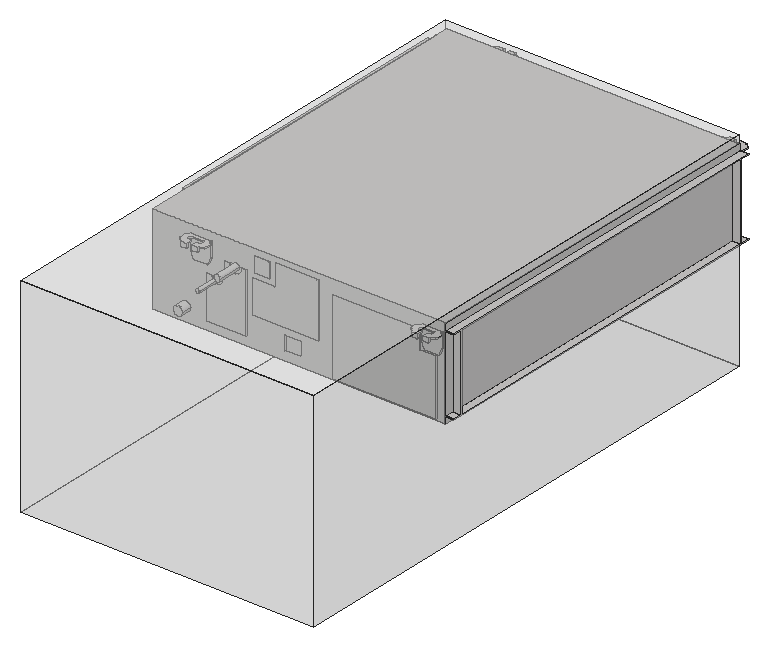
Revit family "outputfile", category 機械設備, Revit 2024
Family settings
  丸型コネクタ寸法 = 半径を使用
  パーツ タイプ = 標準
  OmniClass 番号 = 23.75.10.24.21.27.27
  OmniClass タイトル = Split System Air Conditioning Units
  作業面ベース = いいえ
  常に垂直 = はい
  ロード時にボイドで切り取り = いいえ
  注釈の向きを維持 = いいえ
  共有 = いいえ
  部屋計算ポイント = はい
Parameters (values of type "FBFC24DV2S")
  Description = ""
  製造元 = "Daikin"
  書き出し IFC クラス(タイプ) = "IfcUnitaryEquipmentType"
  定義済み IFC タイプ(タイプ) = "AIRCONDITIONINGUNIT"
  Cost = 0
  モデル = "FBFC24DV2S"
  Type Comments = ""
  Keynote = ""
  Type Image = (empty or 0)
  Assembly Code = ""
  switch_frequency = yes
  r_Liquid Pipe Size = Liquid Pipe Size / 2  # 4.75 mm
  r_Gas Pipe Size = Gas Pipe Size / 2  # 7.95 mm
  r_Drain Pipe Size = Drain Pipe Size / 2  # 12.5 mm
  lw_power = 770.0 mm  # constant formula
  lh_SA = 138.0 mm  # constant formula
  lw_SA = if(Depth = 550.0 mm, 225.0 mm, if(Depth = 700.0 mm, 300.0 mm, if(Depth = 1000.0 mm, 450.0 mm, if(Depth = 1400.0 mm, 650.0 mm, 725.0 mm))))  # 450.0 mm
  lw_RA = if(Depth = 550.0 mm, 275.0 mm, if(Depth = 700.0 mm, 349.0 mm, if(Depth = 1000.0 mm, 499.0 mm, if(Depth = 1400.0 mm, 699.0 mm, 775.0 mm))))  # 499.0 mm
  lh_power = 60.0 mm + [h***]  # 60.0 mm
  lh_mountinghole1 = lh_mountinghole + [h***]  # 222.0 mm
  lh_RA = 123.0 mm  # constant formula
  ld_power = Depth / 2  # 500.0 mm
  connector_voltage = Voltage_50Hz  # 220 V
  connector_powerinput = [Power Input (Cooling)]  # 0.000 kW
  connector_phase = Phase_50Hz  # 1
  Voltage_comment_50Hz = "220 - 240"
  Voltage_50Hz = 220 V
  URL = ""
  Supply Air Direction [instance] = yes
  Sound Power Level_H speed (dB) = 0
  Phase_50Hz = 1
  Minimum External Static Pressure = 40.00 Pa
  Minimum Circuit Amps_50Hz = 0.0 A
  Maximum Fuse Amps_50Hz = 0.0 A
  Maximum External Static Pressure = 140.00 Pa
  Material_Casing = DAIKIN_GalvanizedSteel_Casing_indoorunit
  lw_mountinghole = 630.0 mm  # constant formula
  lh_gaspipe = 183.0 mm + [h***]  # 183.0 mm
  lh_mountinghole = 222.0 mm  # constant formula
  lh_liquidpipe = 136.0 mm + [h***]  # 136.0 mm
  lh_drainpipe = 38.0 mm + [h***]  # 38.0 mm
  lh_antena = Height - lh_mountinghole + 1.0 mm  # 24.0 mm
  ld_drainpipe = Depth / 2 + 26.0 mm  # 526.0 mm
  ld_liquidpipe = Depth / 2 + 69.0 mm  # 569.0 mm
  ld_gaspipe = Depth / 2 + 65.0 mm  # 565.0 mm
  ld_mountinghole = Depth + 38.0 mm  # 1038.0 mm
  h*** = 0.0 mm  # constant formula
  lw_liquidpipe = 179.0 mm  # constant formula
  lw_gaspipe = 229.0 mm  # constant formula
  lw_drainpipe = 91.0 mm  # constant formula
  Width = 800.0 mm
  Version = "ver.1.0"
  Unit Type = "M.S.P. Duct"
  Unit Mass Weight = 36.00 kg
  Unit Designation [instance] = ""
  Uniclass2015Version = "Products v1.30"
  Uniclass2015Title = "Split coil room air conditioning units"
  Uniclass2015Code = "Pr_70_65_03_86"
  Total Cooling Capacity [instance] = 0.000 kW
  Sound Pressure Level_M speed (dBA) = 37
  Sound Pressure Level_L speed (dBA) = 34
  Sound Pressure Level_H speed (dBA) = 39
  Series = "SkyAir_Fan Coil Unit"
  Sensible Cooling Capacity [instance] = 0.000 kW
  SA Duct Size Width = 792.0 mm
  SA Duct Size Height = 176.0 mm
  Refrigerant Type = "R32"
  RA Duct Size Width = 952.0 mm
  RA Duct Size Height = 208.0 mm
  Power Input (Cooling) = 0.000 kW
  Option Accessory 3 [instance] = ""
  Option Accessory 2 [instance] = ""
  Option Accessory 1 [instance] = ""
  Nominal Cooling Capacity = 7.000 kW
  Minimum Airflow = 990.00 m³/h
  Median Airflow = 1200.00 m³/h
  Maximum Airflow = 1500.00 m³/h
  Load Classification = HVAC
  Liquid Pipe Size = 9.5 mm
  Link_Nested Family [instance] = ""
  IfcVersion = ""
  IfcExportType = "AIRCONDITIONINGUNIT"
  IfcExportAs = "IfcUnitaryEquipmentType"
  Height = 245.0 mm
  Heat Exchanger Type = "Cross Fin Coil"
  Gas Pipe Size = 15.9 mm
  Frequency_50Hz = 50 Hz
  Fan Type = "Sirocco Fan"
  Fan Drive = "Direct Drive"
  FCU Tag No. [instance] = ""
  Drain Pipe Size = 25.0 mm
  Design Supply Airflow [instance] = 0.00 m³/h
  Design Return Airflow [instance] = 0.00 m³/h
  Design External Static Pressure [instance] = 0.00 Pa
  Depth = 1000.0 mm
  既定の高さ = 0.0 mm
  Cooling Entering Wet Bulb Temperature [instance] = 0.00 °C
  Cooling Entering Dry Bulb Temperature [instance] = 0.00 °C
  Cooling Ambient Wet Bulb Temperature [instance] = 0.00 °C
  Cooling Ambient Dry Bulb Temperature [instance] = 0.00 °C
  Clearance visibility [instance] = yes
  Clearance Top = 20.0 mm
  Clearance Right = 0.0 mm
  Clearance Rear = 0.0 mm
  Clearance Left = 0.0 mm
  Clearance Front = 450.0 mm
  Clearance Bottom = 300.0 mm
Reference planes
  plane 1 "Center (Front/Back)": y = 0
  plane 2 "h": z = 0
  plane 3 "Center (Left/Right)": x = 0
  plane 4 "Back": y = 500
  plane 5 "Front": y = -500
  plane 6 "Left": x = -400
  plane 7 "Right": x = 400
  plane 8 "Top": z = 0
  plane 9 "Bottom": z = -245
  plane 10: y = -215
  plane 11: y = 500
  plane 12: y = -950
  plane 13: x = -400
  plane 14: x = 400
  plane 15: z = 20
  plane 16: z = -545
  plane 17: x = -400
  plane 18: x = -399
  plane 19: x = 399
  plane 20: y = 50
  plane 21: y = -1
  plane 22: z = -122
  plane 23: y = -501
  plane 24: z = -109
  plane 25: x = -221
  plane 26: y = -565
  plane 27: z = -62
  plane 28: x = -171
  plane 29: y = -526
  plane 30: z = -207
  plane 31: x = -309
  plane 32: x = -309
  plane 33: x = -221
  plane 34: x = -171
  plane 35: x = 370
  plane 36: x = -266
  plane 37: x = 364
  plane 38: y = -519
  plane 39: y = 519
  plane 40: z = -23
  plane 41: z = -107
  plane 42: y = -569
  plane 43: y = -526
  plane 44: x = -251
  plane 45: x = -203
  plane 46: x = -144
  plane 47: z = -59
  plane 48: z = -106
  plane 49: z = -221
  plane 50: z = -109
  plane 51: x = -221
  plane 52: z = -62
  plane 53: x = -171
  plane 54: z = -17
  plane 55: z = -59
  plane 56: x = -121
  plane 57: x = -79
  plane 58: x = -125
  plane 59: x = -64
  plane 60: x = 53
  plane 61: z = -164
  plane 62: z = -73
  plane 63: z = -16
  plane 64: x = 93.5
  plane 65: x = 374.5
  plane 66: x = 330
  plane 67: z = -88.5
  plane 68: z = -38
  plane 69: z = -242.5
  plane 70: x = -38.5
  plane 71: x = 6.5
  plane 72: z = -181
  plane 73: z = -221
  plane 74: y = -499
  plane 75: x = -424
  plane 76: x = 424
Forms (mm)
  Extrusion 1, solid, material "DAIKIN_GalvanizedSteel_Casing_indoorunit" <- "Material_Casing"
    sketch origin (0, 0, 0) x (1, 0, 0) y (0, 1, 0)
      loop
        line (-399, 500) -> (-399, -500) -> (399, -500) -> (399, 500) -> (-399, 500)
    from -245 to 0
  Extrusion 2, solid, material "DAIKIN_GalvanizedSteel_Casing_indoorunit" <- "Material_Casing"
    sketch origin (0, 0, 0) x (1, 0, 0) y (0, 0, 1)
      loop
        line (-251, -221) -> (-144, -221) -> (-144, -59) -> (-154.47, -59)
        arc (-154.47, -59) -> (-171, -78.8) -> (-187.53, -59) r 16.8
        line (-187.53, -59) -> (-203, -59) -> (-203, -106) -> (-206.916, -106)
        arc (-206.916, -106) -> (-221, -123.4) -> (-235.084, -106) r 14.4
        line (-235.084, -106) -> (-251, -106) -> (-251, -221)
    from 500 to 501
  Extrusion 3, solid, material "DAIKIN_GalvanizedSteel_Casing_indoorunit" <- "Material_Casing"
    sketch origin (0, 0, 0) x (1, 0, 0) y (0, 0, 1)
      loop
        line (-121, -17) -> (-121, -59) -> (-79, -59) -> (-79, -17) -> (-121, -17)
      loop
        line (-125, -73) -> (-125, -164) -> (53, -164) -> (53, -16) -> (-64, -16) -> (-64, -73) -> (-125, -73)
    from 500 to 501
  Extrusion 4, solid, material "DAIKIN_GalvanizedSteel_Casing_indoorunit" <- "Material_Casing"
    sketch origin (0, 0, 0) x (1, 0, 0) y (0, 0, 1)
      loop
        line (93.5, -38) -> (93.5, -242.5) -> (374.5, -242.5) -> (374.5, -88.5) -> (330, -88.5) -> (330, -38) -> (93.5, -38)
    from 500 to 501
  Extrusion 5, solid, material "DAIKIN_GalvanizedSteel_Casing_indoorunit" <- "Material_Casing"
    sketch origin (0, 0, 0) x (1, 0, 0) y (0, 0, 1)
      loop
        circle (-221, -109) r 4.75
    from 500 to 569
  Extrusion 6, solid, material "DAIKIN_GalvanizedSteel_Casing_indoorunit" <- "Material_Casing"
    sketch origin (0, 0, 0) x (1, 0, 0) y (0, 0, 1)
      loop
        circle (-171, -62) r 7.95
    from 500 to 565
  Extrusion 7, solid, material "DAIKIN_GalvanizedSteel_Casing_indoorunit" <- "Material_Casing"
    sketch origin (0, 0, 0) x (1, 0, 0) y (0, 0, 1)
      loop
        circle (-309, -207) r 12.5
    from 500 to 526
  Extrusion 8, void
    sketch origin (0, 0, 0) x (1, 0, 0) y (0, 0, 1)
      loop
        line (-38.5, -181) -> (-38.5, -221) -> (6.5, -221) -> (6.5, -181) -> (-38.5, -181)
    from 499 to 500
Cuts and joins
  Extrusion 8 cuts Extrusion 1
Dimensions and locks
  "Height": plane 8 "Top" to plane 9 "Bottom"
  equal spacing: plane 4 "Back", plane 1 "Center (Front/Back)", plane 5 "Front"
  "Depth": plane 4 "Back" to plane 5 "Front"
  equal spacing: plane 6 "Left", plane 3 "Center (Left/Right)", plane 7 "Right"
  "Width": plane 6 "Left" to plane 7 "Right"
  "Clearance Left": plane 13 to plane 6 "Left"
  "Clearance Right": plane 7 "Right" to plane 14
  "Clearance Rear": plane 11 to plane 4 "Back"
  "Clearance Front": plane 5 "Front" to plane 12
  "Clearance Top": plane 15 to plane 8 "Top"
  "Clearance Bottom": plane 9 "Bottom" to plane 16
  locked: plane 17 to plane 18 at 1
  locked: plane 19 to plane 14 at 1
  "lw_SA": plane 11 to plane 20
  "lw_RA": plane 21 to plane 5 "Front"
  "lh_RA": plane 22 to plane 9 "Bottom"
  locked: plane 5 "Front" to plane 23 at 1
  "lw_liquidpipe": plane 25 to plane 6 "Left"
  "lh_liquidpipe": plane 24 to plane 9 "Bottom"
  "lh_gaspipe": plane 27 to plane 9 "Bottom"
  "lw_gaspipe": plane 28 to plane 6 "Left"
  "ld_gaspipe": plane 26 to plane 1 "Center (Front/Back)"
  "ld_drainpipe": plane 29 to plane 1 "Center (Front/Back)"
  "lh_drainpipe": plane 30 to plane 9 "Bottom"
  "lw_drainpipe": plane 31 to plane 6 "Left"
  "lw_drainpipe": plane 6 "Left" to plane 32
  "lw_liquidpipe": plane 6 "Left" to plane 33
  "lw_gaspipe": plane 6 "Left" to plane 34
  "lw_power": plane 6 "Left" to plane 35
  locked: plane 17 to plane 36 at 134
  "lw_mountinghole": plane 36 to plane 37
  equal spacing: plane 38, plane 1 "Center (Front/Back)", plane 39
  "ld_mountinghole": plane 39 to plane 38
  "lh_mountinghole": plane 40 to plane 9 "Bottom"
  "lh_SA": plane 41 to plane 9 "Bottom"
  locked: plane 5 "Front" to plane 43 at 26
  plane 46 to plane 45 to plane 44 to plane 6 "Left" = 59.0 mm, 48.0 mm, 149.0 mm
  plane 8 "Top" to plane 47 to plane 48 to plane 49 = 59.0 mm locked, 47.0 mm locked, 115.0 mm locked
  plane 53 to plane 51 to plane 6 "Left" = 50.0 mm locked, 179.0 mm locked
  plane 52 to plane 50 to plane 9 "Bottom" = 47.0 mm locked, 136.0 mm locked
  plane 57 to plane 56 to plane 6 "Left" = 42.0 mm locked, 279.0 mm locked
  plane 8 "Top" to plane 54 to plane 55 = 17.0 mm locked, 42.0 mm locked
  plane 60 to plane 59 to plane 58 to plane 6 "Left" = 117.0 mm, 61.0 mm, 275.0 mm
  plane 8 "Top" to plane 63 to plane 62 = 16.0 mm locked, 57.0 mm locked
  locked: plane 63 to plane 61 at 148
  plane 8 "Top" to plane 68 to plane 67 to plane 69 = 38.0 mm locked, 50.5 mm locked, 154.0 mm locked
  plane 65 to plane 66 to plane 64 to plane 6 "Left" = 44.5 mm locked, 236.5 mm locked, 493.5 mm locked
  plane 8 "Top" to plane 72 to plane 73 = 181.0 mm locked, 40.0 mm locked
  plane 71 to plane 70 to plane 6 "Left" = 45.0 mm, 361.5 mm
  locked: plane 74 to plane 5 "Front" at 1
  locked: plane 75 to plane 17 at 24
  locked: plane 14 to plane 76 at 24
  "ld_liquidpipe": plane 42 to plane 1 "Center (Front/Back)"
  "r_Liquid Pipe Size": radius of Extrusion 5 sketch curve
  "r_Gas Pipe Size": radius of Extrusion 6 sketch curve
  "r_Drain Pipe Size": radius of Extrusion 7 sketch curve
  aligned and locked: level to plane 2 "h"
  aligned and locked: plane 8 "Top" to Extrusion 1
  aligned and locked: Extrusion 1 to plane 9 "Bottom"
  aligned and locked: nested 5 to plane 12
  aligned and locked: plane 13 to nested 5
  aligned and locked: plane 14 to nested 5
  aligned and locked: nested 5 to plane 13
  aligned and locked: plane 11 to nested 5
  aligned and locked: plane 15 to nested 5
  aligned and locked: plane 16 to nested 5
  aligned and locked: plane 5 "Front" to Extrusion 1 sketch curve
  aligned and locked: Extrusion 1 to plane 18
  aligned and locked: plane 19 to Extrusion 1
  aligned and locked: nested 7 to plane 18
  aligned and locked: nested 7 to plane 20
  aligned and locked: plane 19 to nested 8
  aligned and locked: plane 21 to nested 8
  aligned and locked: plane 22 to nested 8
  aligned and locked: Extrusion 2 to plane 23
  aligned and locked: plane 5 "Front" to Extrusion 2
  aligned and locked: Extrusion 3 to plane 23
  aligned and locked: plane 5 "Front" to Extrusion 3
  aligned and locked: plane 5 "Front" to Extrusion 4
  aligned and locked: Extrusion 5 sketch curve to plane 25
  aligned and locked: plane 24 to Extrusion 5 sketch curve
  aligned and locked: plane 5 "Front" to Extrusion 5
  aligned and locked: Extrusion 6 sketch curve to plane 28
  aligned and locked: plane 27 to Extrusion 6 sketch curve
  aligned and locked: plane 5 "Front" to Extrusion 6
  aligned and locked: Extrusion 7 sketch curve to plane 31
  aligned and locked: plane 30 to Extrusion 7 sketch curve
  aligned and locked: Extrusion 7 to plane 29
  aligned and locked: nested 3 to plane 29
  aligned and locked: plane 32 to nested 3
  aligned and locked: nested 2 to plane 33
  aligned and locked: nested 1 to plane 34
  aligned and locked: Extrusion 6 to plane 26
  aligned and locked: nested 1 to plane 26
  aligned and locked: nested 6 to plane 5 "Front"
  aligned and locked: nested 6 to plane 35
  aligned and locked: plane 36 to nested 10
  aligned and locked: nested 10 to plane 5 "Front"
  aligned and locked: plane 37 to nested 9
  aligned and locked: nested 9 to plane 5 "Front"
  aligned and locked: nested 11 to plane 36
  aligned and locked: plane 4 "Back" to nested 11
  aligned and locked: nested 12 to plane 37
  aligned and locked: plane 4 "Back" to nested 12
  aligned and locked: plane 40 to nested 10
  aligned and locked: plane 40 to nested 11
  aligned and locked: plane 40 to nested 9
  aligned and locked: plane 40 to nested 12
  aligned and locked: plane 36 to nested 14
  aligned and locked: nested 14 to plane 39
  aligned and locked: plane 37 to nested 13
  aligned and locked: nested 13 to plane 39
  aligned and locked: plane 37 to nested 16
  aligned and locked: plane 38 to nested 16
  aligned and locked: plane 38 to nested 15
  aligned and locked: plane 36 to nested 15
  aligned and locked: plane 17 to plane 6 "Left"
  aligned and locked: plane 41 to nested 7
  aligned and locked: Extrusion 5 to plane 42
  aligned and locked: nested 2 to plane 42
  aligned and locked: Extrusion 3 sketch curve to plane 54
  aligned and locked: Extrusion 3 sketch curve to plane 56
  aligned and locked: plane 55 to Extrusion 3 sketch curve
  aligned and locked: plane 57 to Extrusion 3 sketch curve
  aligned and locked: Extrusion 4 to plane 23
  aligned and locked: Extrusion 8 sketch curve to plane 72
  aligned and locked: plane 73 to Extrusion 8 sketch curve
  aligned and locked: plane 71 to Extrusion 8 sketch curve
  aligned and locked: plane 5 "Front" to Extrusion 8
  aligned and locked: plane 74 to Extrusion 8
  aligned and locked: nested 17 to plane 20
  aligned and locked: nested 17 to plane 75
  aligned and locked: plane 21 to nested 18
  aligned and locked: plane 76 to nested 18
  aligned and locked: plane 41 to nested 17
  aligned and locked: nested 18 to plane 22
  aligned and locked: nested 4 to plane 3 "Center (Left/Right)"
  aligned and locked: plane 1 "Center (Front/Back)" to nested 4
  aligned and locked: level to plane 8 "Top"
  aligned and locked: plane 5 "Front" to Extrusion 7
Automatic sketch dimensions
  plane 6 "Left" to Extrusion 1 sketch curve = 1.0 mm
  Extrusion 1 sketch curve to plane 7 "Right" = 1.0 mm
  Extrusion 1 sketch curve to plane 4 "Back" = 0.0 mm
  Extrusion 2 sketch curve to plane 44 = 0.0 mm
  Extrusion 2 sketch curve to plane 33 = 0.0 mm
  Extrusion 2 sketch curve to plane 45 = 0.0 mm
  Extrusion 2 sketch curve to plane 34 = 0.0 mm
  Extrusion 2 sketch curve to plane 46 = 0.0 mm
  Extrusion 2 sketch curve to plane 49 = 0.0 mm
  Extrusion 2 sketch curve to plane 50 = 0.0 mm
  Extrusion 2 sketch curve to plane 48 = 0.0 mm  (x3)
  Extrusion 2 sketch curve to plane 52 = 0.0 mm
  Extrusion 2 sketch curve to plane 47 = 0.0 mm  (x3)
  plane 33 to Extrusion 2 sketch curve = 14.084 mm
  plane 34 to Extrusion 2 sketch curve = 16.53 mm
  Extrusion 3 sketch curve to plane 58 = 0.0 mm
  Extrusion 3 sketch curve to plane 59 = 0.0 mm
  Extrusion 3 sketch curve to plane 60 = 0.0 mm
  Extrusion 3 sketch curve to plane 61 = 0.0 mm
  Extrusion 3 sketch curve to plane 62 = 0.0 mm
  Extrusion 3 sketch curve to plane 63 = 0.0 mm
  Extrusion 4 sketch curve to plane 64 = 0.0 mm
  Extrusion 4 sketch curve to plane 66 = 0.0 mm
  Extrusion 4 sketch curve to plane 65 = 0.0 mm
  Extrusion 4 sketch curve to plane 69 = 0.0 mm
  Extrusion 4 sketch curve to plane 67 = 0.0 mm
  Extrusion 4 sketch curve to plane 68 = 0.0 mm
  Extrusion 8 sketch curve to plane 70 = 0.0 mm
Nested families
  nested 1: "daikin_connector_rotate2" at (-171, 0, -62), length <- "ld_gaspipe", built-in parameter 1001364 <- "lh_gaspipe", radius <- "r_Gas Pipe Size", type "daikin_connector_rotate2"
    with radius 7.95 mm, length 565.0 mm, angle_vertical 90.00°
  nested 2: "daikin_connector_rotate2" at (-221, 0, -109), length <- "ld_liquidpipe", built-in parameter 1001364 <- "lh_liquidpipe", radius <- "r_Liquid Pipe Size", type "daikin_connector_rotate2"
    with radius 4.75 mm, length 569.0 mm, angle_vertical 90.00°
  nested 3: "daikin_connector_rotate2" at (-309, 0, -207), length <- "ld_drainpipe", built-in parameter 1001364 <- "lh_drainpipe", radius <- "r_Drain Pipe Size", type "daikin_connector_rotate2"
    with radius 12.5 mm, length 526.0 mm, angle_vertical 90.00°
  nested 4: "daikin_△_symbolicline" at (0, 0, 245) x (0, -1, 0) z (0, 0, 1), built-in parameter 1001364 <- "Height", visible <- "Supply Air Direction", type "daikin_△_symbolicline"
    with length 200.0 mm
  nested 5: "daikin_clearancespace" at (0, -225, -262.381), visible <- "Clearance visibility", show <- "Clearance visibility", Link_Nested Family <- "Link_Nested Family", type "daikin_clearancespace"
    with width 800.0 mm, show yes, height 565.0 mm, depth 1450.0 mm, Link_Nested Family ""
  nested 6: "daikin_connector_rotate2" at (370, 0, -185), built-in parameter 1001364 <- "lh_power", length <- "ld_power", type "daikin_connector_rotate2"
    with radius 10.0 mm, length 500.0 mm, angle_vertical 90.00°
  nested 7: "daikin_ductflange_FBFC-DV2S2" at (-399, 50, -107) x (0, -1, 0) z (0, 0, 1), type "daikin_ductflange_FBFC-DV2S2"
    with width 792.0 mm, w 1000.0 mm
  nested 8: "daikin_ductflange_FBFC-DV2S" at (399, -1, -122) x (0, 1, 0) z (0, 0, 1), type "daikin_ductflange_FBFC-DV2S"
    with width 952.0 mm, lw 25.0 mm, w 1000.0 mm
  nested 9: "daikin_hangerfixture_FBFC-DV2S" at (364, -500, -23), type "daikin_hangerfixture_FBFC-DV2S"
  nested 10: "daikin_hangerfixture_FBFC-DV2S" at (-266, -500, -23), type "daikin_hangerfixture_FBFC-DV2S"
  nested 11: "daikin_hangerfixture_FBFC-DV2S" at (-266, 500, -23) x (-1, 0, 0) z (0, 0, 1), type "daikin_hangerfixture_FBFC-DV2S"
  nested 12: "daikin_hangerfixture_FBFC-DV2S" at (364, 500, -23) x (-1, 0, 0) z (0, 0, 1), type "daikin_hangerfixture_FBFC-DV2S"
  nested 13: "daikin_mountinghole" at (364, 519, -245), h_mountinghole <- "lh_mountinghole1", l_antenna <- "lh_antena", Link_Nested Family <- "Link_Nested Family", type "daikin_mountinghole"
    with show yes, l_antenna 24.0 mm, h_mountinghole 222.0 mm, Link_Nested Family ""
  nested 14: "daikin_mountinghole" at (-266, 519, -245), h_mountinghole <- "lh_mountinghole1", l_antenna <- "lh_antena", Link_Nested Family <- "Link_Nested Family", type "daikin_mountinghole"
    with show yes, l_antenna 24.0 mm, h_mountinghole 222.0 mm, Link_Nested Family ""
  nested 15: "daikin_mountinghole" at (-266, -519, -245), h_mountinghole <- "lh_mountinghole1", l_antenna <- "lh_antena", Link_Nested Family <- "Link_Nested Family", type "daikin_mountinghole"
    with show yes, l_antenna 24.0 mm, h_mountinghole 222.0 mm, Link_Nested Family ""
  nested 16: "daikin_mountinghole" at (364, -519, -245), h_mountinghole <- "lh_mountinghole1", l_antenna <- "lh_antena", Link_Nested Family <- "Link_Nested Family", type "daikin_mountinghole"
    with show yes, l_antenna 24.0 mm, h_mountinghole 222.0 mm, Link_Nested Family ""
  nested 17: "daikin_connector_rotate2" at (-400, 50, -107) x (0, -1, 0) z (0, 0, 1), type "daikin_connector_rotate2"
    with radius 10.0 mm, length 24.0 mm, angle_vertical 90.00°
  nested 18: "daikin_connector_rotate2" at (400, -1, -122) x (0, 1, 0) z (0, 0, 1), type "daikin_connector_rotate2"
    with radius 10.0 mm, length 24.0 mm, angle_vertical 90.00°
Connectors
  piping at (-309, -526, -207), diameter 25, driven by "r_Drain Pipe Size"
    settings: on nested 3, index 3, connector inside diameter 609.6 mm, connector length 0.0 mm, flow factor 0, pipe flow 0.00 m³/h, pressure drop 0.0 Pa, fitting loss kfactor 0, connector angle 0.00°, fixture units 0, engagement length 0.0 mm, angle of deflection 0.00°, flow configuration 1, flow direction 2, fitting loss method 4, system type 16, joint type 0, gender type 0, connector reference index -1, connector utility 0, adjustable connector no, is connector primary yes, connector description "Condensate Drain Piping"
  piping at (-171, -565, -62), diameter 15.9, driven by "r_Gas Pipe Size"
    settings: on nested 1, index 4, connector inside diameter 609.6 mm, connector length 0.0 mm, flow factor 0, pipe flow 0.00 m³/h, pressure drop 0.0 Pa, fitting loss kfactor 0, connector angle 0.00°, fixture units 0, engagement length 0.0 mm, angle of deflection 0.00°, flow configuration 1, flow direction 2, fitting loss method 0, system type 29, joint type 0, gender type 0, connector reference index -1, connector utility 0, adjustable connector no, is connector primary no, connector description "Refrigerant Gas Piping"
  piping at (-221, -569, -109), diameter 9.5, driven by "r_Liquid Pipe Size"
    settings: on nested 2, index 5, connector inside diameter 609.6 mm, connector length 0.0 mm, flow factor 0, pipe flow 0.00 m³/h, pressure drop 0.0 Pa, fitting loss kfactor 0, connector angle 0.00°, fixture units 0, engagement length 0.0 mm, angle of deflection 0.00°, flow configuration 1, flow direction 1, fitting loss method 0, system type 29, joint type 0, gender type 0, connector reference index -1, connector utility 0, adjustable connector no, is connector primary no, connector description "Refrigerant Liquid Piping"
  electrical at (370, -500, -185), driven by "Load Classification", driven by "connector_powerinput", driven by "connector_phase", driven by "connector_voltage"
    settings: on nested 6, index 6, voltage 220 V, apparent load 0 VA, apparent load phase1 0 VA, apparent load phase2 0 VA, apparent load phase3 0 VA, power factor 1, load classification "HVAC", number of poles 1, system type 30, power factor state 1, is connector primary yes, connector utility no, sub classification motor no, connector description "Power Supply"
  hvac at (-424, 50, -107), driven by "SA Duct Size Height", driven by "SA Duct Size Width"
    settings: on nested 17, index 7, duct flow 0.00 m³/h, flow factor 0, pres drop 0.00 Pa, loss coef 0, conn angle 0.00°, conn width 792.0 mm, conn height 176.0 mm, conn diameter 609.6 mm, duct sys type 1, conn prof type 1, flow config 0, flow direction 2, loss method 4, conn ref index -1, conn util no, is conn primary yes, conn desc "SA Duct"
  hvac at (424, -1, -122), driven by "RA Duct Size Height", driven by "RA Duct Size Width"
    settings: on nested 18, index 8, duct flow 0.00 m³/h, flow factor 0, pres drop 0.00 Pa, loss coef 0, conn angle 0.00°, conn width 952.0 mm, conn height 208.0 mm, conn diameter 609.6 mm, duct sys type 2, conn prof type 1, flow config 0, flow direction 1, loss method 4, conn ref index -1, conn util no, is conn primary no, conn desc "RA Duct"
Definition of nested family "daikin_clearancespace"
  Parameters (values of type "daikin_clearancespace")
    Description = "daikin_clearancespace"
    width [instance] = 1823.963 mm
    show [instance] = yes
    material = none
    height [instance] = 1359.762 mm
    depth [instance] = 880.0 mm
    Default Elevation = 0.0 mm
    Link_Nested Family [instance] = ""
  Reference planes
    plane 1 "Center (Front/Back)": y = 0
    plane 2 "Center (Elevation)": z = -0.119
    plane 3 "Center (Left/Right)": x = 0
    plane 4: y = 440
    plane 5: y = -440
    plane 6 "Right": x = 911.982
    plane 7 "Left": x = -911.982
    plane 8 "Top": z = 679.762
    plane 9 "Bottom": z = -680
  Forms (mm)
    Extrusion 1, solid, material <- "material", visible <- "show"
      sketch origin (0, 0, 0) x (1, 0, 0) y (0, 1, 0)
        loop
          line (-911.982, 440) -> (-911.982, -440) -> (911.982, -440) -> (911.982, 440) -> (-911.982, 440)
      from -680 to 679.762
  Lines and regions (mm)
    symbolic lines, visible <- "show"
      curve 1: line (911.982, 440, 0) -> (-911.982, 440, 0)
      curve 2: line (-911.982, 440, 0) -> (-911.982, -440, 0)
      curve 3: line (-911.982, -440, 0) -> (911.982, -440, 0)
      curve 4: line (911.982, -440, 0) -> (911.982, 440, 0)
      curve 5: line (911.982, 0, 679.762) -> (-911.982, 0, 679.762)
      curve 6: line (911.982, 0, -680) -> (911.982, 0, 679.762)
      curve 7: line (-911.982, 0, -680) -> (911.982, 0, -680)
      curve 8: line (-911.982, 0, 679.762) -> (-911.982, 0, -680)
      curve 9: line (0, 440, 679.762) -> (0, -440, 679.762)
      curve 10: line (0, -440, 679.762) -> (0, -440, -680)
      curve 11: line (0, 440, -680) -> (0, 440, 679.762)
      curve 12: line (0, -440, -680) -> (0, 440, -680)
  Dimensions and locks
    "width": plane 7 "Left" to plane 6 "Right"
    "depth": plane 4 to plane 5
    "height": plane 8 "Top" to plane 9 "Bottom"
    equal spacing: plane 7 "Left", plane 3 "Center (Left/Right)", plane 6 "Right"
    equal spacing: plane 4, plane 1 "Center (Front/Back)", plane 5
    equal spacing: plane 8 "Top", plane 2 "Center (Elevation)", plane 9 "Bottom"
    aligned and locked: level to plane 2 "Center (Elevation)"
    aligned and locked: Extrusion 1 sketch curve to plane 4
    aligned and locked: plane 7 "Left" to Extrusion 1 sketch curve
    aligned and locked: Extrusion 1 sketch curve to plane 5
    aligned and locked: Extrusion 1 sketch curve to plane 6 "Right"
    aligned and locked: plane 8 "Top" to Extrusion 1
    aligned and locked: curve 1 to Extrusion 1
    aligned and locked: curve 2 to Extrusion 1
    aligned and locked: curve 3 to Extrusion 1
    aligned and locked: curve 4 to Extrusion 1
    aligned and locked: curve 5 to Extrusion 1
    aligned and locked: curve 6 to Extrusion 1
    aligned and locked: curve 7 to Extrusion 1
    aligned and locked: curve 8 to Extrusion 1
    aligned and locked: curve 9 to Extrusion 1
    aligned and locked: curve 10 to Extrusion 1
    aligned and locked: curve 11 to Extrusion 1
    aligned and locked: curve 12 to Extrusion 1
    aligned and locked: Extrusion 1 to plane 9 "Bottom"
Definition of nested family "daikin_ductflange_FBFC-DV2S2"
  Parameters (values of type "daikin_ductflange_FBFC-DVMG2")
    width = if(w = 550.0 mm, 337.0 mm, if(w = 700.0 mm, 492.0 mm, if(w = 1000.0 mm, 792.0 mm, if(w = 1400.0 mm, 1192.0 mm, 1337.0 mm))))  # 1192.0 mm
    material = none
    height = 215.0 mm
    depth = 1.0 mm
    w = 1400.0 mm
    Default Elevation = 0.0 mm
  Reference planes
    plane 1 "Center (Front/Back)": y = 0
    plane 2: z = 0
    plane 3 "Center (Left/Right)": x = 0
    plane 4: z = 88
    plane 5: z = -88
    plane 6: y = -25
    plane 7: z = 106
    plane 8: z = 89
    plane 9: y = -1
    plane 10: x = -617.5
    plane 11: x = 617.5
    plane 12: z = -106
    plane 13: z = -89
    plane 14: y = -1
    plane 15: x = 596
    plane 16: x = -596
    plane 17: x = 597
    plane 18: z = 87
    plane 19: z = -87
    plane 20: x = -597
    plane 21: z = 87
    plane 22: z = -87
    plane 23: y = -1
  Forms (mm)
    Extrusion 1, solid, material <- "material"
      sketch origin (0, 0, 0) x (0, 1, 0) y (0, 0, 1)
        loop
          line (-25, 88) -> (0, 88) -> (0, 106) -> (-1, 106) -> (-1, 89) -> (-25, 89) -> (-25, 88)
      from -617.5 to 617.5
    Extrusion 2, solid, material <- "material"
      sketch origin (0, 0, 0) x (0, 1, 0) y (0, 0, 1)
        loop
          line (-25, -88) -> (-25, -89) -> (-1, -89) -> (-1, -106) -> (0, -106) -> (0, -88) -> (-25, -88)
      from -617.5 to 617.5
    Extrusion 3, solid, material <- "material"
      sketch origin (0, 0, 0) x (1, 0, 0) y (0, 0, 1)
        loop
          line (596, 88) -> (596, -88) -> (617.5, -88) -> (617.5, -87) -> (597, -87) -> (597, 87) -> (617.5, 87) -> (617.5, 88) -> (596, 88)
      from 0 to 25
    Extrusion 4, solid, material <- "material"
      sketch origin (0, 0, 0) x (1, 0, 0) y (0, 0, 1)
        loop
          line (-617.5, 88) -> (-617.5, 87) -> (-597, 87) -> (-597, -87) -> (-617.5, -87) -> (-617.5, -88) -> (-596, -88) -> (-596, 88) -> (-617.5, 88)
      from 0 to 25
    Extrusion 5, solid, material <- "material"
      sketch origin (0, 0, 0) x (1, 0, 0) y (0, 0, 1)
        loop
          line (-617.5, 88) -> (-617.5, -88) -> (-596, -88) -> (-596, 88) -> (-617.5, 88)
        loop
          line (617.5, 88) -> (596, 88) -> (596, -88) -> (617.5, -88) -> (617.5, 88)
      from 0 to 1
  Cuts and joins
    joined: Extrusion 1, Extrusion 2, Extrusion 3, Extrusion 4, Extrusion 5
  Dimensions and locks
    plane 4 to level to plane 5 = 88.0 mm, 88.0 mm
    locked: plane 6 to plane 1 "Center (Front/Back)" at 25
    locked: plane 9 to plane 1 "Center (Front/Back)" at 1
    locked: plane 8 to plane 4 at 1
    locked: plane 16 to plane 10 at 21.5
    locked: plane 17 to plane 15 at 1
    locked: plane 4 to plane 18 at 1
    locked: plane 19 to plane 5 at 1
    "width": plane 15 to plane 16
    plane 4 to plane 5 = 176.0 mm
    locked: plane 16 to plane 20 at 1
    locked: plane 4 to plane 21 at 1
    locked: plane 22 to plane 5 at 1
    locked: plane 23 to plane 1 "Center (Front/Back)" at 1
    plane 4 to level to plane 5 = 88.0 mm locked, 88.0 mm locked
    locked: plane 5 to plane 13 at 1
    locked: plane 5 to plane 12 at 18
    locked: plane 7 to plane 4 at 18
    equal spacing: plane 15, plane 3 "Center (Left/Right)", plane 16
    locked: plane 11 to plane 15 at 21.5
    plane 11 to plane 10 = 1235.0 mm
    aligned and locked: level to plane 2
    aligned and locked: Extrusion 1 to plane 10
    aligned and locked: plane 11 to Extrusion 1
    aligned and locked: plane 5 to Extrusion 2
    aligned and locked: Extrusion 2 to plane 1 "Center (Front/Back)"
    aligned and locked: plane 15 to Extrusion 3 sketch curve
    aligned and locked: Extrusion 3 sketch curve to Extrusion 2  (x2)
    aligned and locked: Extrusion 3 sketch curve to plane 11
    aligned and locked: plane 6 to Extrusion 3
    aligned and locked: Extrusion 2 to plane 10
    aligned and locked: plane 11 to Extrusion 2
    aligned and locked: Extrusion 4 sketch curve to Extrusion 1  (x2)
    aligned and locked: plane 5 to Extrusion 4 sketch curve
    aligned and locked: Extrusion 4 sketch curve to plane 16
    aligned and locked: Extrusion 4 sketch curve to plane 22
    aligned and locked: plane 20 to Extrusion 4 sketch curve
    aligned and locked: plane 21 to Extrusion 4 sketch curve
    aligned and locked: Extrusion 4 to plane 1 "Center (Front/Back)"
    aligned and locked: plane 6 to Extrusion 4
    aligned and locked: Extrusion 5 sketch curve to Extrusion 1  (x4)
    aligned and locked: Extrusion 5 sketch curve to Extrusion 4  (x2)
    aligned and locked: Extrusion 5 sketch curve to Extrusion 3  (x2)
    aligned and locked: Extrusion 5 to plane 1 "Center (Front/Back)"
    aligned and locked: plane 23 to Extrusion 5
  Automatic sketch dimensions
    Extrusion 1 sketch curve to plane 6 = 0.0 mm
    Extrusion 1 sketch curve to plane 7 = 0.0 mm
    Extrusion 1 sketch curve to plane 9 = 0.0 mm
    Extrusion 1 sketch curve to plane 1 "Center (Front/Back)" = 0.0 mm
    Extrusion 1 sketch curve to plane 4 = 0.0 mm
    Extrusion 1 sketch curve to plane 8 = 0.0 mm
    Extrusion 2 sketch curve to plane 6 = 0.0 mm
    plane 12 to Extrusion 2 sketch curve = 0.0 mm
    Extrusion 2 sketch curve to plane 14 = 0.0 mm
    Extrusion 2 sketch curve to plane 1 "Center (Front/Back)" = 0.0 mm
    plane 13 to Extrusion 2 sketch curve = 0.0 mm
    Extrusion 2 sketch curve to plane 5 = 0.0 mm
    Extrusion 3 sketch curve to plane 17 = 0.0 mm
    Extrusion 3 sketch curve to plane 19 = 0.0 mm
    Extrusion 3 sketch curve to plane 18 = 0.0 mm
    Extrusion 3 sketch curve to plane 4 = 0.0 mm
    Extrusion 4 sketch curve to plane 10 = 0.0 mm
Definition of nested family "daikin_ductflange_FBFC-DV2S"
  Parameters (values of type "daikin_ductflange_FBFC-DVMG")
    width = if(w = 550.0 mm, 502.0 mm, if(w = 700.0 mm, 654.0 mm, if(w = 1000.0 mm, 952.0 mm, if(w = 1400.0 mm, 1352.0 mm, 1502.0 mm))))  # 654.0 mm
    material = none
    lw = if(width = 654.0 mm, 23.0 mm, 25.0 mm)  # 23.0 mm
    height = 208.0 mm
    depth = 1.0 mm
    w = 700.0 mm
    Default Elevation = 0.0 mm
  Reference planes
    plane 1 "Center (Front/Back)": y = 0
    plane 2: z = 0
    plane 3 "Center (Left/Right)": x = 0
    plane 4: z = 104
    plane 5: z = -104
    plane 6: y = -25
    plane 7: z = 121
    plane 8: z = 105
    plane 9: y = -1
    plane 10: x = -350
    plane 11: x = 350
    plane 12: z = -122
    plane 13: z = -105
    plane 14: y = -1
    plane 15: x = 327
    plane 16: x = -327
    plane 17: x = 328
    plane 18: z = 103
    plane 19: z = -103
    plane 20: x = -328
    plane 21: z = 103
    plane 22: z = -103
    plane 23: y = -1
  Forms (mm)
    Extrusion 1, solid, material <- "material"
      sketch origin (0, 0, 0) x (0, 1, 0) y (0, 0, 1)
        loop
          line (-25, 104) -> (0, 104) -> (0, 121) -> (-1, 121) -> (-1, 105) -> (-25, 105) -> (-25, 104)
      from -350 to 350
    Extrusion 2, solid, material <- "material"
      sketch origin (0, 0, 0) x (0, 1, 0) y (0, 0, 1)
        loop
          line (-25, -104) -> (-25, -105) -> (-1, -105) -> (-1, -122) -> (0, -122) -> (0, -104) -> (-25, -104)
      from -350 to 350
    Extrusion 3, solid, material <- "material"
      sketch origin (0, 0, 0) x (1, 0, 0) y (0, 0, 1)
        loop
          line (327, 104) -> (327, -104) -> (350, -104) -> (350, -103) -> (328, -103) -> (328, 103) -> (350, 103) -> (350, 104) -> (327, 104)
      from 0 to 25
    Extrusion 4, solid, material <- "material"
      sketch origin (0, 0, 0) x (1, 0, 0) y (0, 0, 1)
        loop
          line (-350, 104) -> (-350, 103) -> (-328, 103) -> (-328, -103) -> (-350, -103) -> (-350, -104) -> (-327, -104) -> (-327, 104) -> (-350, 104)
      from 0 to 25
    Extrusion 5, solid, material <- "material"
      sketch origin (0, 0, 0) x (1, 0, 0) y (0, 0, 1)
        loop
          line (-350, 104) -> (-350, -104) -> (-327, -104) -> (-327, 104) -> (-350, 104)
        loop
          line (350, 104) -> (327, 104) -> (327, -104) -> (350, -104) -> (350, 104)
      from 0 to 1
  Cuts and joins
    joined: Extrusion 1, Extrusion 2, Extrusion 3, Extrusion 4, Extrusion 5
  Dimensions and locks
    plane 4 to level to plane 5 = 104.0 mm, 104.0 mm
    locked: plane 6 to plane 1 "Center (Front/Back)" at 25
    locked: plane 9 to plane 1 "Center (Front/Back)" at 1
    locked: plane 8 to plane 4 at 1
    "lw": plane 11 to plane 15
    "lw": plane 16 to plane 10
    locked: plane 17 to plane 15 at 1
    locked: plane 4 to plane 18 at 1
    locked: plane 19 to plane 5 at 1
    "width": plane 15 to plane 16
    equal spacing: plane 15, plane 3 "Center (Left/Right)", plane 16
    locked: plane 16 to plane 20 at 1
    locked: plane 4 to plane 21 at 1
    locked: plane 22 to plane 5 at 1
    locked: plane 23 to plane 1 "Center (Front/Back)" at 1
    locked: plane 7 to plane 4 at 17
    locked: plane 1 "Center (Front/Back)" to plane 14 at 1
    locked: plane 5 to plane 13 at 1
    "height": plane 4 to plane 5
    plane 11 to plane 10 = 700.0 mm
    locked: plane 12 to plane 13 at 17
    equal spacing: plane 4, level, plane 5
    aligned and locked: level to plane 2
    aligned and locked: Extrusion 1 to plane 10
    aligned and locked: plane 11 to Extrusion 1
    aligned and locked: plane 5 to Extrusion 2
    aligned and locked: Extrusion 2 to plane 1 "Center (Front/Back)"
    aligned and locked: plane 15 to Extrusion 3 sketch curve
    aligned and locked: Extrusion 3 sketch curve to Extrusion 2  (x2)
    aligned and locked: Extrusion 3 sketch curve to plane 11
    aligned and locked: plane 6 to Extrusion 3
    aligned and locked: Extrusion 2 to plane 10
    aligned and locked: plane 11 to Extrusion 2
    aligned and locked: Extrusion 4 sketch curve to Extrusion 1  (x2)
    aligned and locked: plane 5 to Extrusion 4 sketch curve
    aligned and locked: Extrusion 4 sketch curve to plane 16
    aligned and locked: Extrusion 4 sketch curve to plane 22
    aligned and locked: plane 20 to Extrusion 4 sketch curve
    aligned and locked: plane 21 to Extrusion 4 sketch curve
    aligned and locked: Extrusion 4 to plane 1 "Center (Front/Back)"
    aligned and locked: plane 6 to Extrusion 4
    aligned and locked: Extrusion 5 sketch curve to Extrusion 1  (x4)
    aligned and locked: Extrusion 5 sketch curve to Extrusion 4  (x2)
    aligned and locked: Extrusion 5 sketch curve to Extrusion 3  (x2)
    aligned and locked: Extrusion 5 to plane 1 "Center (Front/Back)"
    aligned and locked: plane 23 to Extrusion 5
  Automatic sketch dimensions
    Extrusion 1 sketch curve to plane 6 = 0.0 mm
    Extrusion 1 sketch curve to plane 7 = 0.0 mm
    Extrusion 1 sketch curve to plane 9 = 0.0 mm
    Extrusion 1 sketch curve to plane 1 "Center (Front/Back)" = 0.0 mm
    Extrusion 1 sketch curve to plane 4 = 0.0 mm
    Extrusion 1 sketch curve to plane 8 = 0.0 mm
    Extrusion 2 sketch curve to plane 6 = 0.0 mm
    plane 12 to Extrusion 2 sketch curve = 0.0 mm
    Extrusion 2 sketch curve to plane 14 = 0.0 mm
    Extrusion 2 sketch curve to plane 1 "Center (Front/Back)" = 0.0 mm
    plane 13 to Extrusion 2 sketch curve = 0.0 mm
    Extrusion 2 sketch curve to plane 5 = 0.0 mm
    Extrusion 3 sketch curve to plane 17 = 0.0 mm
    Extrusion 3 sketch curve to plane 19 = 0.0 mm
    Extrusion 3 sketch curve to plane 18 = 0.0 mm
    Extrusion 3 sketch curve to plane 4 = 0.0 mm
    Extrusion 4 sketch curve to plane 10 = 0.0 mm
Definition of nested family "daikin_hangerfixture_FBFC-DV2S"
  Parameters (values of type "daikin_hangerfixture_FXMQ-PAVE")
    width = 72.0 mm
    material = none
    height = 60.0 mm
    depth = 41.0 mm
    Default Elevation = 0.0 mm
  Reference planes
    plane 1 "Center (Front/Back)": y = 0
    plane 2: z = 0
    plane 3 "Center (Left/Right)": x = 0
    plane 4: y = 417.146
    plane 5: y = -41
    plane 6: x = -36
    plane 7: x = 36
    plane 8: z = -2.3
    plane 9: z = -60
    plane 10: y = -2.3
    plane 11: z = -12
    plane 12: y = -38.7
  Forms (mm)
    Extrusion 1, solid, material <- "material"
      sketch origin (0, 0, 0) x (1, 0, 0) y (0, 1, 0)
        loop
          line (-28, 0) -> (-28, -5)
          arc (-28, -5) -> (-29.127, -8.162) -> (-32, -9.899) r 5
          arc (-32, -9.899) -> (-34.873, -11.636) -> (-36, -14.798) r 5
          line (-36, -14.798) -> (-36, -27.178)
          arc (-36, -27.178) -> (-35.429, -29.499) -> (-33.846, -31.289) r 5
          line (-33.846, -31.289) -> (-23, -38.798) -> (-23, -41.098) -> (-6.5, -41.098) -> (-6.5, -28.498)
          arc (-6.5, -28.498) -> (-7.379, -26.377) -> (-9.5, -25.498) r 3
          line (-9.5, -25.498) -> (-13.5, -25.498)
          arc (-13.5, -25.498) -> (-20, -18.998) -> (-13.5, -12.498) r 6.5
          line (-13.5, -12.498) -> (13.5, -12.498)
          arc (13.5, -12.498) -> (20, -18.998) -> (13.5, -25.498) r 6.5
          line (13.5, -25.498) -> (9.5, -25.498)
          arc (9.5, -25.498) -> (7.379, -26.377) -> (6.5, -28.498) r 3
          line (6.5, -28.498) -> (6.5, -41.098) -> (23, -41.098) -> (23, -38.798) -> (33.846, -31.289)
          arc (33.846, -31.289) -> (35.429, -29.499) -> (36, -27.178) r 5
          line (36, -27.178) -> (36, -14.596)
          arc (36, -14.596) -> (34.873, -11.434) -> (32, -9.697) r 5
          arc (32, -9.697) -> (29.127, -7.96) -> (28, -4.798) r 5
          line (28, -4.798) -> (28, 0) -> (-28, 0)
      from 0 to -2.3
    Extrusion 2, solid, material <- "material"
      sketch origin (0, 0, 0) x (1, 0, 0) y (0, 0, 1)
        loop
          line (28, -39.037) -> (28, 0) -> (-28, 0) -> (-28, -39.037)
          arc (-28, -39.037) -> (-27.91, -39.983) -> (-27.642, -40.894) r 5
          line (-27.642, -40.894) -> (-21.257, -56.857)
          arc (-21.257, -56.857) -> (-19.418, -59.14) -> (-16.615, -60) r 5
          line (-16.615, -60) -> (16.615, -60)
          arc (16.615, -60) -> (19.418, -59.14) -> (21.257, -56.857) r 5
          line (21.257, -56.857) -> (27.642, -40.894)
          arc (27.642, -40.894) -> (27.91, -39.983) -> (28, -39.037) r 5
      from 0 to 2.3
    Extrusion 3, solid, material <- "material"
      sketch origin (0, 0, 0) x (1, 0, 0) y (0, 0, 1)
        loop
          line (-23, 0) -> (-23, -9)
          arc (-23, -9) -> (-22.121, -11.121) -> (-20, -12) r 3
          line (-20, -12) -> (-9.5, -12)
          arc (-9.5, -12) -> (-7.379, -11.121) -> (-6.5, -9) r 3
          line (-6.5, -9) -> (-6.5, 0) -> (-23, 0)
        loop
          line (23, 0) -> (6.5, 0) -> (6.5, -9)
          arc (6.5, -9) -> (7.379, -11.121) -> (9.5, -12) r 3
          line (9.5, -12) -> (20, -12)
          arc (20, -12) -> (22.121, -11.121) -> (23, -9) r 3
          line (23, -9) -> (23, 0)
      from 38.8 to 41.098
  Cuts and joins
    joined: Extrusion 1, Extrusion 2, Extrusion 3
  Dimensions and locks
    plane 2 to plane 8 = 2.3 mm
    "height": plane 2 to plane 9
    locked: plane 10 to plane 1 "Center (Front/Back)" at 2.3
    locked: plane 2 to plane 11 at 12
    locked: plane 12 to plane 5 at 2.3
    aligned and locked: level to plane 2
    aligned and locked: Extrusion 1 to plane 8
    aligned and locked: plane 2 to Extrusion 1
    aligned and locked: plane 2 to Extrusion 2 sketch curve
    aligned and locked: Extrusion 2 to plane 10
    aligned and locked: Extrusion 2 to plane 1 "Center (Front/Back)"
    aligned and locked: Extrusion 3 sketch curve to cut or joined group of Extrusion 1, Extrusion 2, Extrusion 3  (x3)
    aligned and locked: cut or joined group of Extrusion 1, Extrusion 2, Extrusion 3 to Extrusion 3
  Automatic sketch dimensions
    Extrusion 2 sketch curve to plane 7 = 8.0 mm
    Extrusion 2 sketch curve to plane 8 = 36.737 mm
    plane 6 to Extrusion 2 sketch curve = 19.385 mm
    Extrusion 1 sketch curve to plane 6 = 0.0 mm
    plane 1 "Center (Front/Back)" to Extrusion 1 sketch curve = 0.0 mm
    Extrusion 1 sketch curve to plane 7 = 0.0 mm
    plane 6 to Extrusion 1 sketch curve = 2.154 mm
    plane 6 to Extrusion 1 sketch curve = 3.0 mm
    Extrusion 1 sketch curve to Extrusion 1 sketch curve = 5.0 mm  (x3)
    Extrusion 1 sketch curve to plane 12 = 0.098 mm  (x2)
    Extrusion 1 sketch curve to Extrusion 1 sketch curve = 4.0 mm  (x2)
    Extrusion 1 sketch curve to plane 5 = 0.098 mm  (x2)
    Extrusion 1 sketch curve to plane 3 "Center (Left/Right)" = 6.5 mm
    plane 3 "Center (Left/Right)" to Extrusion 1 sketch curve = 6.5 mm
    Extrusion 1 sketch curve to Extrusion 1 sketch curve = 3.0 mm
    Extrusion 1 sketch curve to plane 7 = 8.0 mm
    Extrusion 1 sketch curve to plane 7 = 5.0 mm
    Extrusion 1 sketch curve to plane 7 = 3.0 mm
    Extrusion 1 sketch curve to plane 7 = 2.154 mm
    plane 12 to Extrusion 1 sketch curve = 7.411 mm  (x2)
    plane 12 to Extrusion 1 sketch curve = 10.202 mm  (x2)
    Extrusion 1 sketch curve to Extrusion 1 sketch curve = 6.5 mm  (x2)
    Extrusion 1 sketch curve to Extrusion 1 sketch curve = 12.38 mm
    Extrusion 1 sketch curve to plane 10 = 12.296 mm
    Extrusion 1 sketch curve to plane 10 = 2.7 mm
    Extrusion 1 sketch curve to plane 10 = 2.498 mm
    plane 6 to Extrusion 1 sketch curve = 4.0 mm
    Extrusion 1 sketch curve to Extrusion 1 sketch curve = 0.0 mm  (x2)
    Extrusion 1 sketch curve to plane 7 = 4.0 mm
    Extrusion 1 sketch curve to Extrusion 1 sketch curve = 4.111 mm
    Extrusion 3 sketch curve to level = 0.0 mm  (x2)
    Extrusion 3 sketch curve to plane 11 = 0.0 mm  (x2)
    plane 11 to Extrusion 3 sketch curve = 3.0 mm  (x2)
    plane 3 "Center (Left/Right)" to Extrusion 3 sketch curve = 6.5 mm
    Extrusion 3 sketch curve to Extrusion 3 sketch curve = 3.0 mm  (x2)
    Extrusion 2 sketch curve to plane 9 = 0.0 mm
    Extrusion 2 sketch curve to Extrusion 2 sketch curve = 11.385 mm
    plane 6 to Extrusion 2 sketch curve = 8.0 mm
    plane 9 to Extrusion 2 sketch curve = 20.963 mm
    Extrusion 2 sketch curve to Extrusion 2 sketch curve = 5.0 mm  (x2)
    plane 9 to Extrusion 2 sketch curve = 3.143 mm  (x3)
    Extrusion 2 sketch curve to Extrusion 2 sketch curve = 4.642 mm  (x2)
    Extrusion 2 sketch curve to Extrusion 2 sketch curve = 0.0 mm  (x2)
    Extrusion 2 sketch curve to Extrusion 2 sketch curve = 0.358 mm
    Extrusion 2 sketch curve to Extrusion 2 sketch curve = 1.857 mm  (x2)
Definition of nested family "daikin_connector_rotate2"
  Parameters (values of type "daikin_connector_rotate2")
    Default Elevation = 1219.2 mm
    show_face = no
    radius [instance] = 10.0 mm
    length [instance] = 600.0 mm
    d_surface = 10.0 mm
    angle_vertical [instance] = 90.00°
  Reference planes
    plane 1 "Center (Front/Back)": y = 0
    plane 2: z = 0
    plane 3 "Center (Left/Right)": x = 0
  Forms (mm)
    Extrusion 1, solid, visible <- "show_face"
      sketch origin (0, -600, 0) x (1, 0, 0) y (0, 0, 1)
        loop
          circle (0, 0) r 10
      from 0 to -10
  Lines and regions (mm)
    reference lines
      curve 1: line (0, 0, 0) -> (0, -600, 0)
    symbolic lines
      curve 2: circle (0, 0, 0) r 5 normal (0, 0, 1)
    model lines, visible <- "show_face"
      curve 3: line (0, 0, 0) -> (0, -600, 0)
  Dimensions and locks
    "length": curve 1 to curve 1
    "length": curve 3 to curve 3
    "d_surface": Extrusion 1 to Extrusion 1
    "radius": radius of Extrusion 1 sketch curve
    "angle_vertical": angle curve 1 to plane 1 "Center (Front/Back)"
    "angle_vertical": angle curve 3 to plane 1 "Center (Front/Back)"
    aligned and locked: level to plane 2
    aligned and locked: plane 1 "Center (Front/Back)" to curve 1
    aligned and locked: plane 2 to curve 1
    aligned and locked: plane 1 "Center (Front/Back)" to curve 2
    aligned and locked: plane 3 "Center (Left/Right)" to curve 2
    aligned and locked: plane 1 "Center (Front/Back)" to curve 3
    aligned and locked: plane 2 to curve 3
    aligned and locked: Extrusion 1 to Extrusion 1
  Automatic sketch dimensions
    Extrusion 1 sketch curve to level = 0.0 mm
    Extrusion 1 sketch curve to plane 3 "Center (Left/Right)" = 0.0 mm
    radius of curve 2 = 5.0 mm
Definition of nested family "daikin_△_symbolicline"
  Parameters (values of type "daikin_△_symbolicline")
    length [instance] = 200.0 mm
    Default Elevation = 0.0 mm
  Reference planes
    plane 1 "Center (Front/Back)": y = 0
    plane 2: z = 0
    plane 3 "Center (Left/Right)": x = 0
  Lines and regions (mm)
    symbolic lines
      curve 1: line (0, -173.205, 0) -> (100, 0, 0)
      curve 2: line (100, 0, 0) -> (-100, 0, 0)
      curve 3: line (-100, 0, 0) -> (0, -173.205, 0)
  Dimensions and locks
    equal spacing: curve 3, plane 3 "Center (Left/Right)", curve 2
    "length": curve 3 to curve 2
    "length": curve 3 to curve 3
    "length": curve 1 to curve 1
    aligned and locked: level to plane 2
    aligned and locked: curve 2 to plane 1 "Center (Front/Back)"
    aligned and locked: plane 3 "Center (Left/Right)" to curve 3
Definition of nested family "daikin_mountinghole"
  Parameters (values of type "daikin_mountinghole")
    Default Elevation = 1219.2 mm
    Type Comments = "mountinghole"
    show [instance] = yes
    material = none
    l_centerline = 100.0 mm
    l_antenna [instance] = 100.0 mm
    h_mountinghole [instance] = 0.0 mm
    d_circle = 30.0 mm
    Link_Nested Family [instance] = ""
  Reference planes
    plane 1 "Center (Front/Back)": y = 0
    plane 2: z = 0
    plane 3 "Center (Left/Right)": x = 0
    plane 4: y = 50
    plane 5: x = -50
    plane 6: x = 50
    plane 7: y = -50
    plane 8 "h_mountinghole": z = 0
    plane 9: z = 100
  Lines and regions (mm)
    model lines, detail levels fine
      curve 1: circle (0, 0, 0) r 15 normal (0, 0, 1)
      curve 2: line (-50, 0, 0) -> (50, 0, 0)
      curve 3: line (0, 50, 0) -> (0, -50, 0)
    symbolic lines, detail levels fine
      curve 4: circle (0, 0, 0) r 15 normal (0, 0, 1)
      curve 5: line (-50, 0, 0) -> (50, 0, 0)
      curve 6: line (0, 50, 0) -> (0, -50, 0)
    model lines
      curve 7: line (0, 0, 100) -> (0, 0, 0)
  Dimensions and locks
    equal spacing: plane 4, plane 1 "Center (Front/Back)", plane 7
    "l_centerline": plane 4 to plane 7
    equal spacing: plane 5, plane 3 "Center (Left/Right)", plane 6
    "l_centerline": plane 5 to plane 6
    "l_antenna": plane 9 to plane 8 "h_mountinghole"
    "h_mountinghole": plane 8 "h_mountinghole" to plane 2
    "d_circle": diameter of curve 1
    "d_circle": diameter of curve 4
    aligned and locked: level to plane 2
    aligned and locked: plane 1 "Center (Front/Back)" to curve 1
    aligned and locked: plane 3 "Center (Left/Right)" to curve 1
    aligned and locked: plane 1 "Center (Front/Back)" to curve 2
    aligned and locked: curve 3 to plane 3 "Center (Left/Right)"
    aligned and locked: plane 6 to curve 2
    aligned and locked: plane 5 to curve 2
    aligned and locked: plane 4 to curve 3
    aligned and locked: plane 7 to curve 3
    aligned and locked: plane 1 "Center (Front/Back)" to curve 4
    aligned and locked: plane 3 "Center (Left/Right)" to curve 4
    aligned and locked: plane 6 to curve 5
    aligned and locked: plane 5 to curve 5
    aligned and locked: plane 1 "Center (Front/Back)" to curve 5
    aligned and locked: plane 4 to curve 6
    aligned and locked: plane 7 to curve 6
    aligned and locked: curve 6 to plane 3 "Center (Left/Right)"
    aligned and locked: curve 7 to plane 3 "Center (Left/Right)"
    aligned and locked: plane 9 to curve 7
    aligned and locked: plane 8 "h_mountinghole" to curve 7
